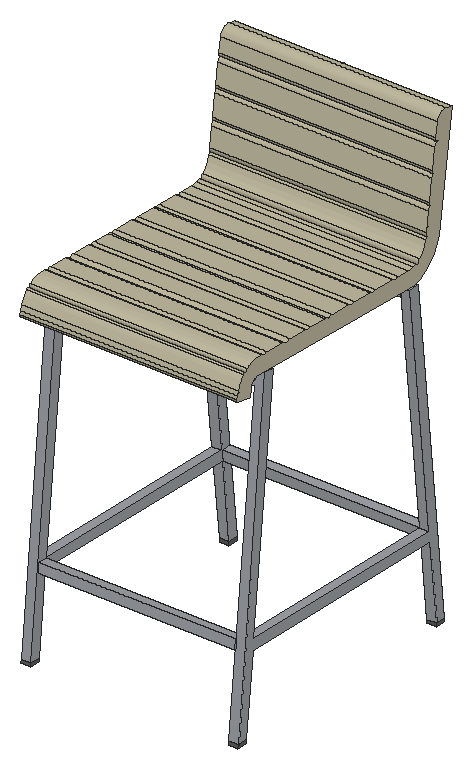
Revit family
Parameters
  URL = "http://www.martinbrattrud.com"
  SCS Certified Product = "Yes"
  Model = "Delaney 1030-04CHD"
  Manufacturer = "Martin Brattrud, Inc."
  Leg [instance] = none
  Keynote = "125000"
  Copyright = "© 2013 Martin Brattrud, Inc."
  Chair [instance] = none
  Foot [instance] = none
  Authoring Version = "Revit Architecture 2010"
  Assembly Code = "E2020200"
Reference planes (in)
  plane 1 "Center Front/Back": y = 0
  plane 2: z = 0
  plane 3 "Center Left/Right": x = 0
Forms (in)
  Sweep 1, solid, material <- "Chair"
    path origin (0, 0, -4.90937) x (0, 1, 0) y (0, 0, 1)
      loop
        line (10.79864, 40.86481) -> (9.53519, 32.37964)
        arc (9.53519, 32.37964) -> (8.49094, 30.51887) -> (6.47387, 29.82294) r 3
        line (6.47387, 29.82294) -> (-8.09476, 30.27982)
        arc (-8.09476, 30.27982) -> (-8.59167, 30.11191) -> (-8.85704, 29.65948) r 0.75
        line (-8.85704, 29.65948) -> (-8.96271, 29.05566)
        arc (-8.96271, 29.05566) -> (-8.98836, 29.01597) -> (-9.03472, 29.00676) r 0.06061
    profile origin (0, 10.16692, 31.71285) x (0, 0.989095, -0.147277) y (1, 0, 0)
      loop
        spline (0, -0.0625) -> (0.00809, -0.06037) -> (0.01563, -0.05413) -> (0.0221, -0.04419) -> (0.02706, -0.03125) -> (0.03019, -0.01618) -> (0.03125, 0) -> (0.03019, 0.01618) -> (0.02706, 0.03125) -> (0.0221, 0.04419) -> (0.01563, 0.05413) -> (0.00809, 0.06037) -> (0, 0.0625)
        line (0, 0.0625) -> (0, -0.0625)
  Extrusion 2, solid
    sketch origin (0, 15.94152, 0.20205) x (0, 1, 0) y (0, 0, 1)
      loop
        line (-24.90126, 23.88222) -> (-24.79048, 24.51522)
        arc (-24.79048, 24.51522) -> (-24.52408, 24.9694) -> (-24.02525, 25.13796) r 0.7529
        line (-24.02525, 25.13796) -> (-9.47211, 24.68157)
        arc (-9.47211, 24.68157) -> (-7.45504, 25.3775) -> (-6.41079, 27.23826) r 3
        line (-6.41079, 27.23826) -> (-5.14276, 35.75422) -> (-5.63707, 35.82782)
        arc (-5.63707, 35.82782) -> (-6.19397, 35.68865) -> (-6.48935, 35.19646) r 0.75
        line (-6.48935, 35.19646) -> (-6.6505, 34.11421)
        arc (-6.6505, 34.11421) -> (-6.59941, 33.90977) -> (-6.41872, 33.80134) r 0.27533
        arc (-6.41872, 33.80134) -> (-6.62341, 33.74847) -> (-6.73172, 33.56692) r 0.27798
        line (-6.73172, 33.56692) -> (-6.96795, 31.98043)
        arc (-6.96795, 31.98043) -> (-6.92385, 31.8038) -> (-6.76781, 31.71002) r 0.23798
        arc (-6.76781, 31.71002) -> (-6.94979, 31.64283) -> (-7.04351, 31.47298) r 0.27798
        line (-7.04351, 31.47298) -> (-7.28181, 29.87262)
        arc (-7.28181, 29.87262) -> (-7.23059, 29.68685) -> (-7.05862, 29.5999) r 0.23798
        arc (-7.05862, 29.5999) -> (-7.25613, 29.53505) -> (-7.35877, 29.35427) r 0.2885
        line (-7.35877, 29.35427) -> (-7.57673, 27.89046)
        arc (-7.57673, 27.89046) -> (-7.53409, 27.65377) -> (-7.35655, 27.49154) r 0.3754
        arc (-7.35655, 27.49154) -> (-7.51262, 27.49002) -> (-7.61471, 27.37195) r 0.18966
        arc (-7.61471, 27.37195) -> (-7.87272, 26.80578) -> (-8.27592, 26.33191) r 2.25
        arc (-8.27592, 26.33191) -> (-8.3767, 26.14006) -> (-8.32594, 25.92938) r 0.30755
        arc (-8.32594, 25.92938) -> (-8.53844, 26.08086) -> (-8.79834, 26.05722) r 0.3754
        arc (-8.79834, 26.05722) -> (-9.03321, 25.9777) -> (-9.28022, 25.95593) r 1.04201
        line (-9.28022, 25.95593) -> (-10.3405, 25.98918)
        arc (-10.3405, 25.98918) -> (-10.55342, 25.91576) -> (-10.66375, 25.71942) r 0.31681
        arc (-10.66375, 25.71942) -> (-10.71968, 25.91735) -> (-10.90511, 26.00635) r 0.25
        arc (-10.90511, 26.00635) -> (-11.72079, 26.02772) -> (-12.53634, 26.05342) r 153.5554
        arc (-12.53634, 26.05342) -> (-12.68884, 26.00796) -> (-12.78301, 25.87969) r 0.25
        arc (-12.78301, 25.87969) -> (-12.87011, 26.0143) -> (-13.02107, 26.06832) r 0.25
        arc (-13.02107, 26.06832) -> (-13.83524, 26.08706) -> (-14.64913, 26.11529) r 69.87322
        arc (-14.64913, 26.11529) -> (-14.83571, 26.04259) -> (-14.90908, 25.85627) r 0.25
        arc (-14.90908, 25.85627) -> (-14.99117, 26.04488) -> (-15.17957, 26.12746) r 0.28181
        line (-15.17957, 26.12746) -> (-16.80309, 26.19164)
        arc (-16.80309, 26.19164) -> (-17.03239, 26.10217) -> (-17.1227, 25.8732) r 0.30766
        arc (-17.1227, 25.8732) -> (-17.22525, 26.10789) -> (-17.46049, 26.2092) r 0.34867
        line (-17.46049, 26.2092) -> (-18.90934, 26.25351)
        arc (-18.90934, 26.25351) -> (-19.09649, 26.17762) -> (-19.1665, 25.98818) r 0.25
        arc (-19.1665, 25.98818) -> (-19.25611, 26.18286) -> (-19.45349, 26.26635) r 0.29662
        line (-19.45349, 26.26635) -> (-20.91199, 26.31095)
        arc (-20.91199, 26.31095) -> (-21.17736, 26.21566) -> (-21.30642, 25.96496) r 0.3846
        arc (-21.30642, 25.96496) -> (-21.38673, 26.21531) -> (-21.62468, 26.32712) r 0.32938
        line (-21.62468, 26.32712) -> (-23.13672, 26.37062)
        arc (-23.13672, 26.37062) -> (-23.34554, 26.29023) -> (-23.43489, 26.08509) r 0.28986
        arc (-23.43489, 26.08509) -> (-23.50804, 26.29607) -> (-23.71192, 26.38716) r 0.2811
        spline (-23.71192, 26.38716) -> (-23.95284, 26.38597) -> (-24.11699, 26.37729) -> (-24.23356, 26.36367) -> (-24.33124, 26.34757) -> (-24.42485, 26.33023) -> (-24.51401, 26.31152) -> (-24.59764, 26.29121) -> (-24.67683, 26.268) -> (-24.75526, 26.23934) -> (-24.83796, 26.20191) -> (-24.94931, 26.14123) -> (-25.1295, 26.03372)
        arc (-25.1295, 26.03372) -> (-25.21326, 25.91458) -> (-25.18293, 25.77214) r 0.18214
        arc (-25.18293, 25.77214) -> (-25.32931, 25.82133) -> (-25.47135, 25.76071) r 0.217
        spline (-25.47135, 25.76071) -> (-25.53209, 25.69975) -> (-25.58351, 25.6431) -> (-25.62785, 25.58874) -> (-25.66739, 25.53462) -> (-25.70437, 25.47873) -> (-25.74105, 25.41902) -> (-25.77881, 25.35379) -> (-25.8178, 25.28185) -> (-25.85803, 25.20202) -> (-25.89952, 25.11313) -> (-25.9423, 25.01403) -> (-25.98639, 24.90354)
        arc (-25.98639, 24.90354) -> (-26.03958, 24.74364) -> (-26.07809, 24.57959) r 1.85926
        line (-26.07809, 24.57959) -> (-26.13068, 24.27904)
        arc (-26.13068, 24.27904) -> (-26.10087, 24.14537) -> (-25.98527, 24.07193) r 0.17894
        line (-25.98527, 24.07193) -> (-24.90126, 23.88222)
    from -8.5 to 8.5
  Extrusion 3, solid, material <- "Leg"
    sketch origin (0, 0, -5) x (0, 1, 0) y (0, 0, 1)
      loop
        line (10.07329, 5.25) -> (7.48999, 29.8284) -> (6.7441, 29.75) -> (8.60952, 11.99984) -> (-8.60955, 11.99984) -> (-6.69962, 30.1716) -> (-7.44551, 30.25) -> (-10.07312, 5.25) -> (-9.31899, 5.25) -> (-8.68838, 11.24984) -> (8.68834, 11.24984) -> (9.31888, 5.25) -> (10.07329, 5.25)
    from -8.5 to -7.75
  Extrusion 4, solid, material <- "Leg"
    sketch origin (0, 0, -5) x (0, 1, 0) y (0, 0, -1)
      loop
        line (10.07329, -5.25) -> (9.31888, -5.25) -> (8.68834, -11.24984) -> (-8.68838, -11.24984) -> (-9.31899, -5.25) -> (-10.07312, -5.25) -> (-7.44551, -30.25) -> (-6.69962, -30.1716) -> (-8.60955, -11.99984) -> (8.60952, -11.99984) -> (6.7441, -29.75) -> (7.48999, -29.8284) -> (10.07329, -5.25)
    from -8.5 to -7.75
  Extrusion 5, solid, material <- "Leg"
    sketch origin (0, 0, -5) x (0, 1, 0) y (0, 0, -1)
      loop
        line (6.7441, -29.75) -> (6.82322, -28.99715) -> (-6.77823, -29.4237) -> (-6.69962, -30.1716) -> (6.7441, -29.75)
    from -5.625 to -4.875
  Extrusion 6, solid, material <- "Leg"
    sketch origin (0, 0, -5) x (0, 1, 0) y (0, 0, 1)
      loop
        line (6.7441, 29.75) -> (6.82249, 29.00411) -> (7.56839, 29.0825) -> (7.48999, 29.8284) -> (6.7441, 29.75)
      loop
        line (-8.60955, 11.99984) -> (-9.35544, 12.07824) -> (-9.43384, 11.33234) -> (-8.68795, 11.25395) -> (-8.60955, 11.99984)
      loop
        line (-7.44551, 30.25) -> (-7.52391, 29.50411) -> (-6.77802, 29.42571) -> (-6.69962, 30.1716) -> (-7.44551, 30.25)
    from -7.75 to 7.75
  Extrusion 7, solid, material <- "Foot"
    sketch origin (0, 0, 0) x (0, 1, 0) y (0, 0, 1)
      loop
        line (9.31888, 0.25) -> (9.34516, 0) -> (10.09962, 0) -> (10.07334, 0.25) -> (9.31888, 0.25)
      loop
        line (-10.07312, 0.25) -> (-10.0994, 0) -> (-9.34526, 0) -> (-9.31899, 0.25) -> (-10.07312, 0.25)
    from 7.75 to 8.5
  Extrusion 8, solid, material <- "Foot"
    sketch origin (0, 0, 0) x (0, 1, 0) y (0, 0, 1)
      loop
        line (9.31888, 0.25) -> (9.34516, 0) -> (10.09962, 0) -> (10.07334, 0.25) -> (9.31888, 0.25)
      loop
        line (-10.07312, 0.25) -> (-10.0994, 0) -> (-9.34526, 0) -> (-9.31899, 0.25) -> (-10.07312, 0.25)
    from -8.5 to -7.75
  Extrusion 9, solid, material <- "Leg"
    sketch origin (0, 0, -5) x (0, 1, 0) y (0, 0, 1)
      loop
        line (6.7441, 29.75) -> (-6.69962, 30.1716) -> (-6.77823, 29.4237) -> (6.82322, 28.99715) -> (6.7441, 29.75)
    from -5.625 to -4.875
  Extrusion 10, solid, material <- "Leg"
    sketch origin (0, 0, -5) x (0, -1, 0) y (0, 0, -1)
      loop
        line (6.7441, -29.75) -> (7.48999, -29.8284) -> (7.56839, -29.0825) -> (6.82249, -29.00411) -> (6.7441, -29.75)
      loop
        line (-8.60955, -11.99984) -> (-8.68795, -11.25395) -> (-9.43384, -11.33234) -> (-9.35544, -12.07824) -> (-8.60955, -11.99984)
      loop
        line (-7.44551, -30.25) -> (-6.69962, -30.1716) -> (-6.77802, -29.42571) -> (-7.52391, -29.50411) -> (-7.44551, -30.25)
    from -7.75 to 7.75
Cuts and joins
  joined: Extrusion 4, Extrusion 10
